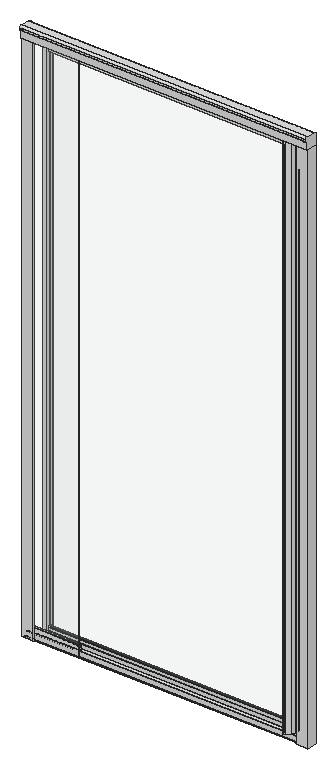
Revit family "Shower-Shower_Door-STERLING-Vista_Pivot_II-1530D_1", category Specialty Equipment, host Face, Revit 2017
Family settings
  Host = Face
  Round Connector Dimension = Use Diameter
  Part Type = Normal
  OmniClass Number = 23.31.17.17
  OmniClass Title = Shower Enclosures
  Cut with Voids When Loaded = No
  Shared = No
  Room Calculation Point = No
Parameters (values of type "36 Inch Width,Pebbled Glass Texture,S-Silver Frame")
  Width [instance] = 36"
  WaterSense Certified = 1 = 0  # no
  URL = "https://www.sterlingplumbing.com/\r\nhttps://www.sterlingplumbing.com/"
  Type = 1
  Side Panel Length [instance] = if(Type = 1, 7 1/16", if(Type = 2, 13", if(Type = 3, 19 1/16", 0")))  # 7 1/16"
  Product Page URL = "http://www.sterlingplumbing.com/detail?productNumber=1530D-36"
  Product Name = "Vista Pivot II"  # constant formula
  Product Documentation Link = "https://resources.kohler.com/plumbing/sterling/pdf/1530D-36_spec_US-CA_Sterling_en.pdf"
  Panel Offset = if(Type = 1, 4 3/8", 5")  # 4 3/8"
  Model = if(Type = 1, "1530D-36S", if(Type = 2, "1530D-42S", if(Type = 3, "1530D-48S", "NA")))  # "1530D-36S"
  Material = "Anodized Aluminum"  # constant formula
  Maste Format 2014 = "10 28 19.16"  # constant formula
  Master Format 2014 Name = "Shower Door"  # constant formula
  Manufacturer Address = "444 Highland Dr, Kohler, WI 53044"  # constant formula
  Manufacturer = "STERLING Co."  # constant formula
  Length = 2 7/64"  # constant formula
  Height = 69"  # constant formula
  Glass Material = Sterling-Glass-G10-Pebbled_Glass_Texture
  Finish = Sterling-Metal-S-Silver
  Environmental Product Declaration = ""
  Description = if(Type = 1, "Framed pivot shower door, 69inch H x 31-1/4 - 36 inch W, with 1/8 inch thick Pebbled glass", if(Type = 2, "Framed pivot shower door, 69inch H x 36 - 42inch W, with 1/8inch thick Pebbled glass", "Framed pivot shower door, 69inch H x 42 - 48inch W, with 1/8inch thick Pebbled glass "))  # "Framed pivot shower door, 69inch H x 31-1/4 - 36 inch W, with 1/8 inch thick Pebbled glass"
  Default Elevation = 0"
  Declare Label = ""
  Date Modified = "07/18/2020"  # constant formula
  Date Created = "07/18/2020"  # constant formula
  Copyright = "Copyright STERLING Co."  # constant formula
  Contact Us = "https://www.sterlingplumbing.com/contact"
  Assembly Code = "C1030200"
  ADA Compliant = 1 = 0  # no
Types (4): name | Type | Side Panel Length | Product Page URL | Product Documentation Link | Panel Offset | Model | Description
  (no name) | 1 | 7 1/16" | "http://www.sterlingplumbing.com/detail?productNumber=1530D-36" | "https://resources.kohler.com/plumbing/sterling/pdf/1530D-36_spec_US-CA_Sterling_en.pdf" | 4 3/8" | "1530D-36S" | "Framed pivot shower door, 69inch H x 31-1/4 - 36 inch W, with 1/8 inch thick Pebbled glass"
  36 Inch Width,Pebbled Glass Texture,S-Silver Frame | 1 | 7 1/16" | "http://www.sterlingplumbing.com/detail?productNumber=1530D-36" | "https://resources.kohler.com/plumbing/sterling/pdf/1530D-36_spec_US-CA_Sterling_en.pdf" | 4 3/8" | "1530D-36S" | "Framed pivot shower door, 69inch H x 31-1/4 - 36 inch W, with 1/8 inch thick Pebbled glass"
  42 Inch Width, Pebbled Glass Texture,S-Silver Frame | 2 | 13" | "http://www.sterlingplumbing.com/detail?productNumber=1530D-42" | "https://resources.kohler.com/plumbing/sterling/pdf/1530D-42_spec_US-CA_Sterling_en.pdf" | 5" | "1530D-42S" | "Framed pivot shower door, 69inch H x 36 - 42inch W, with 1/8inch thick Pebbled glass"
  48 Inch Width, Pebbled Glass Texture, S-Silver Frame | 3 | 19 1/16" | "http://www.sterlingplumbing.com/detail?productNumber=1530D-48" | "https://resources.kohler.com/plumbing/sterling/pdf/1530D-48_spec_US-CA_Sterling_en.pdf" | 5" | "1530D-48S" | "Framed pivot shower door, 69inch H x 42 - 48inch W, with 1/8inch thick Pebbled glass "
Reference planes (in)
  plane 1 "Center (Front/Back)": y = 0
  plane 2: z = 0
  plane 3 "Center (Left/Right)": x = 0
  plane 4: x = -16
  plane 5: x = 20
  plane 6: x = -8.9375
  plane 7: z = 69
  plane 8: y = 2.10937
  plane 9: x = 2
  plane 10: z = 0.6875
  plane 11: y = 1.05469
  plane 12: x = -13.3125
  plane 13: z = 67.5625
  plane 14: y = 0.32087
  plane 15: y = 1.57087
Dimensions and locks (in)
  "Width": plane 5 to plane 4
  "Side Panel Length": plane 6 to plane 4
  "Height": plane 7 to level
  "Length": plane 8 to plane 1 "Center (Front/Back)"
  equal spacing: plane 5, plane 9, plane 4
  plane 10 to level = 11/16"
  equal spacing: plane 8, plane 11, plane 1 "Center (Front/Back)"
  "Panel Offset": plane 12 to plane 6
  plane 13 to plane 10 = 66 7/8"
  plane 15 to plane 14 = 1 1/4"
  aligned and locked: plane 2 to host face
  aligned and locked: level to host face
  aligned and locked: plane 5 to nested 1
  aligned and locked: plane 4 to nested 1
Automatic sketch dimensions
  host sketch curve to host sketch curve = 96"  (x2)
Nested families (in)
  nested 1: "1530D" at (-8.9375, 0, 0), type "1530D"
    with Width 36", Panel Offset 4 3/8", Panel Length 7 1/16"
Definition of nested family "1530D"
  Parameters (values of type "1530D")
    Width = 26 1/2"
    Panel Offset = 2 7/8"
    Panel Length = 5"
    Metal Finish = none
    Glass Finish = none
  Reference planes (in)
    plane 1 "Center (Front/Back)": y = 0
    plane 2: z = 0
    plane 3 "Center (Left/Right)": x = 0
    plane 4: y = 2.11073
    plane 5: x = -30.6359
    plane 6: x = 19.15625
    plane 7: x = 21.5
    plane 8: z = 69
    plane 9: z = 0.6875
    plane 10: z = 67.5625
    plane 11: x = -5
    plane 12: x = -2.875
  Forms (in)
    Extrusion 1, solid, material <- "Metal Finish", detail levels medium+fine
      sketch origin (0, 0, 0) x (0, 1, 0) y (0, 0, 1)
        loop
          line (1.35006, 69) -> (0.25, 69)
          arc (0.25, 69) -> (0.07322, 68.92678) -> (0, 68.75) r 0.25
          line (0, 68.75) -> (0, 68.58233)
          arc (0, 68.58233) -> (0.00595, 68.56795) -> (0.02033, 68.562) r 0.02033
          line (0.02033, 68.562) -> (0.14645, 68.562) -> (0.14645, 67.5625) -> (1.576, 67.5625) -> (1.576, 68.77406)
          arc (1.576, 68.77406) -> (1.50982, 68.93382) -> (1.35006, 69) r 0.22594
      from -5 to 21.5
    Extrusion 2, solid, material <- "Metal Finish"
      sketch origin (0, 0, 0) x (1, 0, 0) y (0, 1, 0)
        loop
          line (21.5, 1.526) -> (20.08728, 1.526) -> (20.08728, 0.32087) -> (21.5, 0.32087) -> (21.5, 1.526)
      from 0 to 67.5625
    Extrusion 3, solid, material <- "Metal Finish", detail levels medium+fine
      sketch origin (0, 0, 0) x (0, 1, 0) y (0, 0, 1)
        loop
          line (1.47271, 0.405) -> (0.61771, 0.405) -> (0.61771, 0.6875) -> (0.47771, 0.6875) -> (0.47771, 0.21) -> (0.61771, 0.21) -> (0.61771, 0.07) -> (0.47717, 0.07) -> (0.47717, 0) -> (1.47271, 0) -> (1.47271, 0.405)
      from -4.751 to 20.08728
    Extrusion 4, solid, material <- "Metal Finish", detail levels medium+fine
      sketch origin (0, 0, 0) x (0, 1, 0) y (0, 0, 1)
        loop
          line (0.4764, 0.9) -> (0.5095, 1.37337)
          arc (0.5095, 1.37337) -> (0.48633, 1.40003) -> (0.45967, 1.37685) r 0.02498
          line (0.45967, 1.37685) -> (0.42771, 0.91988) -> (0.42771, 0.10949)
          arc (0.42771, 0.10949) -> (0.43488, 0.09217) -> (0.4522, 0.085) r 0.02449
          line (0.4522, 0.085) -> (0.60271, 0.085) -> (0.60271, 0.135) -> (0.47771, 0.135) -> (0.47771, 0.845) -> (0.72971, 0.845) -> (0.72971, 0.54733)
          arc (0.72971, 0.54733) -> (0.75471, 0.52233) -> (0.77971, 0.54733) r 0.025
          line (0.77971, 0.54733) -> (0.77971, 0.91969) -> (0.7477, 1.37742)
          arc (0.7477, 1.37742) -> (0.72102, 1.40061) -> (0.69783, 1.37393) r 0.025
          line (0.69783, 1.37393) -> (0.73097, 0.9) -> (0.4764, 0.9)
      from -4.751 to 0
    Extrusion 5, solid, material <- "Metal Finish", detail levels medium+fine
      sketch origin (0, 0, 0) x (1, 0, 0) y (0, 1, 0)
        loop
          line (-2.90914, 1.35447) -> (-2.90914, 1.91504)
          arc (-2.90914, 1.91504) -> (-3.04486, 1.95827) -> (-2.95914, 1.84452) r 0.07474
          line (-2.95914, 1.84452) -> (-2.95914, 1.33372) -> (-3.30414, 1.33372) -> (-3.30414, 0.86596) -> (-2.875, 0.86596) -> (-2.875, 1.30507)
          arc (-2.875, 1.30507) -> (-2.88437, 1.3351) -> (-2.90914, 1.35447) r 0.0528
      from 0.858 to 67.5625
    Extrusion 6, solid, material <- "Metal Finish", detail levels medium+fine
      sketch origin (0, 0, 0.267) x (0, 1, 0) y (0, 0, 1)
        loop
          line (1.33539, 66.8038) -> (1.59871, 66.90742) -> (1.59871, 67.2955) -> (0.86503, 67.2955) -> (0.86503, 66.8355) -> (1.00104, 66.8355) -> (1.00104, 66.381) -> (1.10621, 66.381) -> (1.10621, 66.702) -> (1.23121, 66.702) -> (1.23121, 66.381) -> (1.33539, 66.381) -> (1.33539, 66.8038)
      from -2.875 to 19.15625
    Extrusion 7, solid, material <- "Glass Finish"
      sketch origin (0, 0, 0) x (1, 0, 0) y (0, 1, 0)
        loop
          line (-4.952, 0.68171) -> (-4.952, 0.52571) -> (0, 0.52571) -> (0, 0.68171) -> (-4.952, 0.68171)
      from 0.9 to 67.5625
    Extrusion 8, solid, material <- "Glass Finish"
      sketch origin (0, 0, 0) x (1, 0, 0) y (0, 1, 0)
        loop
          line (-2.875, 1.23121) -> (-2.875, 1.10621) -> (19.15625, 1.10621) -> (19.15625, 1.23121) -> (-2.875, 1.23121)
      from 0.845 to 67.5625
    Extrusion 9, solid, material <- "Metal Finish", detail levels medium+fine
      sketch origin (0, 0, 0) x (0, 1, 0) y (0, 0, 1)
        loop
          line (1.59871, 1.24608) -> (1.33522, 1.34977) -> (1.33522, 1.68963)
          arc (1.33522, 1.68963) -> (1.31878, 1.7474) -> (1.26421, 1.7725) r 0.07186
          line (1.26421, 1.7725) -> (1.06015, 1.7725)
          arc (1.06015, 1.7725) -> (1.0139, 1.75122) -> (0.99997, 1.70225) r 0.0609
          line (0.99997, 1.70225) -> (0.99997, 1.318) -> (0.86596, 1.318) -> (0.86596, 0.858) -> (1.59871, 0.858) -> (1.59871, 1.24608)
      from -2.875 to 19.15625
    Sweep 10, solid, material <- "Metal Finish", detail levels medium+fine
      path origin (0, 0, 0) x (1, 0, 0) y (0, 0, 1)
        loop
          line (-5, 67.5625) -> (-5, 0)
      profile origin (-5, 0, 33.78125) x (0, -1, 0) y (1, 0, 0)
        loop
          line (-1.478, 0.201) -> (-0.728, 0.201) -> (-0.728, 0) -> (-0.32087, 0) -> (-0.32087, 1.42779) -> (-0.39549, 1.42779) -> (-0.39549, 0.048) -> (-0.67971, 0.048) -> (-0.67971, 0.249) -> (-1.478, 0.249) -> (-1.478, 0.48879) -> (-1.526, 0.48879) -> (-1.526, 0) -> (-1.478, 0) -> (-1.478, 0.201)
    Sweep 11, solid, material <- "Metal Finish", detail levels medium+fine
      path origin (0, 0, 0) x (1, 0, 0) y (0, 0, 1)
        loop
          line (19.15625, 67.5625) -> (19.15625, 0.6875)
      profile origin (19.15625, 0, 34.125) x (0, -1, 0) y (1, 0, 0)
        loop
          line (-2.05671, 0.00203) -> (-2.05671, -0.51444)
          arc (-2.05671, -0.51444) -> (-2.06173, -0.53399) -> (-2.07553, -0.54872) r 0.04063
          arc (-2.07553, -0.54872) -> (-2.07986, -0.67064) -> (-1.96449, -0.63098) r 0.07401
          arc (-1.96449, -0.63098) -> (-1.97438, -0.60965) -> (-1.99701, -0.61602) r 0.01813
          arc (-1.99701, -0.61602) -> (-2.04278, -0.61927) -> (-2.03475, -0.57409) r 0.02909
          arc (-2.03475, -0.57409) -> (-2.01426, -0.55473) -> (-2.00671, -0.52758) r 0.05261
          line (-2.00671, -0.52758) -> (-2.00671, -0.00026)
          arc (-2.00671, -0.00026) -> (-1.98714, 0.047) -> (-1.93988, 0.06657) r 0.06683
          line (-1.93988, 0.06657) -> (-1.23121, 0.06657) -> (-1.23121, 0.36357) -> (-1.10621, 0.36357) -> (-1.10621, 0.05856)
          arc (-1.10621, 0.05856) -> (-0.56667, -0.06972) -> (-0.26526, -0.53524) r 0.74497
          arc (-0.26526, -0.53524) -> (-0.25009, -0.56503) -> (-0.22149, -0.58234) r 0.06095
          arc (-0.22149, -0.58234) -> (-0.20911, -0.62087) -> (-0.24936, -0.61662) r 0.02415
          arc (-0.24936, -0.61662) -> (-0.27913, -0.60616) -> (-0.29106, -0.63537) r 0.02289
          arc (-0.29106, -0.63537) -> (-0.16598, -0.65853) -> (-0.20064, -0.53614) r 0.07488
          arc (-0.20064, -0.53614) -> (-0.21454, -0.52763) -> (-0.2221, -0.51319) r 0.03061
          arc (-0.2221, -0.51319) -> (-0.39819, -0.15972) -> (-0.72182, 0.06657) r 0.80059
          arc (-0.72182, 0.06657) -> (-0.89796, 0.1195) -> (-1.07971, 0.14768) r 1.33267
          line (-1.07971, 0.14768) -> (-1.07971, 0.40357) -> (-1.26671, 0.40357) -> (-1.26671, 0.11657) -> (-1.94218, 0.11657)
          arc (-1.94218, 0.11657) -> (-2.02316, 0.08302) -> (-2.05671, 0.00203) r 0.11453
        loop
          line (-1.52271, 0.94364) -> (-1.52271, 0.78139)
          arc (-1.52271, 0.78139) -> (-1.52984, 0.76419) -> (-1.54703, 0.75707) r 0.02432
          line (-1.54703, 0.75707) -> (-1.61068, 0.75707)
          arc (-1.61068, 0.75707) -> (-1.63272, 0.74794) -> (-1.64185, 0.7259) r 0.03117
          line (-1.64185, 0.7259) -> (-1.64185, 0.23244)
          arc (-1.64185, 0.23244) -> (-1.63296, 0.21096) -> (-1.61148, 0.20207) r 0.03037
          line (-1.61148, 0.20207) -> (-1.53271, 0.20207)
          arc (-1.53271, 0.20207) -> (-1.47629, 0.23307) -> (-1.4722, 0.29731) r 0.06684
          arc (-1.4722, 0.29731) -> (-1.49844, 0.31019) -> (-1.51671, 0.28739) r 0.02336
          line (-1.51671, 0.28739) -> (-1.51671, 0.25207) -> (-1.58171, 0.25207) -> (-1.58171, 0.70707) -> (-1.46671, 0.70707) -> (-1.46671, 0.96861) -> (-1.49867, 0.96861)
          arc (-1.49867, 0.96861) -> (-1.51572, 0.96098) -> (-1.52271, 0.94364) r 0.02499
    Extrusion 12, solid, material <- "Metal Finish", detail levels coarse
      sketch origin (0, 0, 0) x (0, 1, 0) y (0, 0, 1)
        loop
          line (1.576, 69) -> (0, 69) -> (0, 67.5625) -> (1.576, 67.5625) -> (1.576, 69)
      from -5 to 21.5
    Sweep 13, solid, material <- "Metal Finish", detail levels coarse
      path origin (0, 0, 0) x (1, 0, 0) y (0, 0, 1)
        loop
          line (-5, 67.5625) -> (-5, 0)
      profile origin (-5, 0, 33.78125) x (0, -1, 0) y (1, 0, 0)
        loop
          line (-1.526, 1.42779) -> (-1.526, 0) -> (-0.32087, 0) -> (-0.32087, 1.42779) -> (-1.526, 1.42779)
    Sweep 14, solid, material <- "Metal Finish", detail levels coarse
      path origin (0, 0, 0) x (1, 0, 0) y (0, 0, 1)
        loop
          line (19.15625, 67.5625) -> (19.15625, 0.6875)
      profile origin (19.15625, 0, 34.125) x (0, -1, 0) y (1, 0, 0)
        loop
          line (-1.64185, 0.93103) -> (-1.64185, 0) -> (-0.47771, 0) -> (-0.47771, 0.93103) -> (-1.64185, 0.93103)
    Extrusion 15, solid, material <- "Metal Finish", detail levels coarse
      sketch origin (0, 0, 0) x (0, 1, 0) y (0, 0, 1)
        loop
          line (1.47271, 0) -> (1.47271, 0.6875) -> (0.47771, 0.6875) -> (0.47771, 0) -> (1.47271, 0)
      from -4.751 to 20.08728
    Extrusion 16, solid, material <- "Metal Finish", detail levels coarse
      sketch origin (0, 0, 0) x (0, 1, 0) y (0, 0, 1)
        loop
          line (1.59871, 1.24608) -> (1.33522, 1.34977) -> (1.33522, 1.7725) -> (0.99997, 1.7725) -> (0.99997, 1.318) -> (0.86596, 1.318) -> (0.86596, 0.858) -> (1.59871, 0.858) -> (1.59871, 1.24608)
      from -2.875 to 19.15625
    Extrusion 17, solid, material <- "Metal Finish", detail levels coarse
      sketch origin (0, 0, 0) x (1, 0, 0) y (0, 1, 0)
        loop
          line (-3.30414, 1.98979) -> (-3.30414, 0.86596) -> (-2.875, 0.86596) -> (-2.875, 1.98979) -> (-3.30414, 1.98979)
      from 0.858 to 67.5625
    Extrusion 18, solid, material <- "Metal Finish", detail levels coarse
      sketch origin (0, 0, 0.267) x (0, 1, 0) y (0, 0, 1)
        loop
          line (1.33539, 66.8038) -> (1.59871, 66.90742) -> (1.59871, 67.2955) -> (0.86503, 67.2955) -> (0.86503, 66.8355) -> (1.00104, 66.8355) -> (1.00104, 66.381) -> (1.10621, 66.381) -> (1.10621, 66.702) -> (1.23121, 66.702) -> (1.23121, 66.381) -> (1.33539, 66.381) -> (1.33539, 66.8038)
      from -2.875 to 19.15625
    Extrusion 19, solid, material <- "Metal Finish", detail levels coarse
      sketch origin (0, 0, 0) x (0, 1, 0) y (0, 0, 1)
        loop
          line (0.4764, 0.9) -> (0.4764, 1.40003) -> (0.42771, 1.40003) -> (0.42771, 0.085) -> (0.77971, 0.085) -> (0.77971, 1.40003) -> (0.73097, 1.40003) -> (0.73097, 0.9) -> (0.4764, 0.9)
      from -4.751 to 0
  Lines and regions (in)
    Masking region 1
      outline origin (0, 0, 0) x (1, 0, 0) y (0, 0, 1)
        loop
          line (-5, 69) -> (-5, 0) -> (21.5, 0) -> (21.5, 69) -> (-5, 69)
    Masking region 2
      outline origin (0, 0, 0) x (0, 1, 0) y (0, 0, 1)
        loop
          line (2.11073, 0.6875) -> (2.11073, 67.5625) -> (1.576, 67.5625) -> (1.576, 68.77406)
          arc (1.576, 68.77406) -> (1.50982, 68.93382) -> (1.35006, 69) r 0.22594
          line (1.35006, 69) -> (0.25, 69)
          arc (0.25, 69) -> (0.07322, 68.92678) -> (0, 68.75) r 0.25
          line (0, 68.75) -> (0, 68.58283)
          arc (0, 68.58283) -> (0.0061, 68.5681) -> (0.02083, 68.562) r 0.02083
          line (0.02083, 68.562) -> (0.06051, 68.562) -> (0.06051, 67.79923)
          arc (0.06051, 67.79923) -> (0.07718, 67.73782) -> (0.12259, 67.69325) r 0.12151
          arc (0.12259, 67.69325) -> (0.13444, 67.68162) -> (0.13879, 67.6656) r 0.0317
          line (0.13879, 67.6656) -> (0.13879, 67.63111)
          arc (0.13879, 67.63111) -> (0.13304, 67.61724) -> (0.11917, 67.6115) r 0.01961
          line (0.11917, 67.6115) -> (0.03648, 67.6115)
          arc (0.03648, 67.6115) -> (0.01198, 67.587) -> (0.03648, 67.5625) r 0.0245
          line (0.03648, 67.5625) -> (0.14645, 67.5625) -> (0.14645, 0.6875) -> (0.32087, 0.6875) -> (0.32087, 0) -> (1.526, 0) -> (1.526, 0.6875) -> (2.11073, 0.6875)
    Masking region 3
      outline origin (0, 0, 0) x (1, 0, 0) y (0, 1, 0)
        loop
          line (-5, 1.576) -> (-5, 0) -> (21.5, 0) -> (21.5, 1.576) -> (19.91332, 1.576) -> (19.91332, 1.61068)
          arc (19.91332, 1.61068) -> (19.90419, 1.63272) -> (19.88215, 1.64185) r 0.03117
          line (19.88215, 1.64185) -> (19.38869, 1.64185)
          arc (19.38869, 1.64185) -> (19.36721, 1.63296) -> (19.35832, 1.61148) r 0.03037
          line (19.35832, 1.61148) -> (19.35832, 1.576) -> (19.27282, 1.576) -> (19.27282, 1.94218)
          arc (19.27282, 1.94218) -> (19.23927, 2.02316) -> (19.15828, 2.05671) r 0.11453
          line (19.15828, 2.05671) -> (18.64181, 2.05671)
          arc (18.64181, 2.05671) -> (18.62226, 2.06173) -> (18.60753, 2.07553) r 0.04063
          arc (18.60753, 2.07553) -> (18.48561, 2.07986) -> (18.52527, 1.96449) r 0.07401
          arc (18.52527, 1.96449) -> (18.5466, 1.97438) -> (18.54023, 1.99701) r 0.01813
          arc (18.54023, 1.99701) -> (18.53698, 2.04278) -> (18.58216, 2.03475) r 0.02909
          arc (18.58216, 2.03475) -> (18.60152, 2.01426) -> (18.62867, 2.00671) r 0.05261
          line (18.62867, 2.00671) -> (19.15599, 2.00671)
          arc (19.15599, 2.00671) -> (19.20325, 1.98714) -> (19.22282, 1.93988) r 0.06683
          line (19.22282, 1.93988) -> (19.22282, 1.576) -> (-2.90914, 1.576) -> (-2.90914, 1.91504)
          arc (-2.90914, 1.91504) -> (-3.04486, 1.95827) -> (-2.95914, 1.84452) r 0.07474
          line (-2.95914, 1.84452) -> (-2.95914, 1.576) -> (-5, 1.576)
    symbolic lines, detail levels medium+fine
      curve 1: line (-5, 0, 67.5625) -> (21.5, 0, 67.5625)
      curve 2: line (-3.57221, 0, 0) -> (-3.57221, 0, 67.5625)
      curve 3: line (1, 0, 0.07) -> (1, 0, 1.37742)
      curve 4: line (1, 0, 0.9) -> (-3.57221, 0, 0.9)
      curve 5: line (1, 0, 1.37742) -> (-3.57221, 0, 1.37742)
      curve 6: line (20.08728, 0, 67.5625) -> (20.08728, 0, 0.07)
      curve 7: line (19.86332, 0, 67.5625) -> (19.86332, 0, 0.6875)
      curve 8: line (19.55982, 0, 0.6875) -> (19.55982, 0, 67.5625)
      curve 9: line (19.30393, 0, 0.858) -> (19.30393, 0, 67.5625)
      curve 10: line (18.47427, 0, 67.5625) -> (18.47427, 0, 0.858)
      curve 11: line (20.08728, 0, 0.6875) -> (1, 0, 0.6875)
      curve 12: line (0, 0, 1.37742) -> (0, 0, 67.5625)
      curve 13: line (0, 0, 1.70225) -> (18.47427, 0, 1.70225)
      curve 14: line (18.47427, 0, 1.318) -> (1, 0, 1.318)
      curve 15: line (1, 0, 0.858) -> (19.30393, 0, 0.858)
      curve 16: line (1, 0, 0.21) -> (20.08728, 0, 0.21)
      curve 17: line (20.08728, 0, 0.07) -> (1, 0, 0.07)
      curve 18: line (0, 0, 66.648) -> (18.47427, 0, 66.648)
      curve 19: line (0, 0, 67.1025) -> (18.47427, 0, 67.1025)
      curve 20: line (-5, 0, 68.562) -> (21.5, 0, 68.562)
      curve 21: line (0, 1.576, 68.562) -> (0, 0.06051, 68.562)
      curve 22: line (0, 1.84452, 1.108) -> (0, 1.84452, 67.5625)
      curve 23: line (0, 1.526, 0) -> (0, 1.526, 68.562)
      curve 24: line (0, 0.728, 0) -> (0, 0.728, 68.562)
      curve 25: line (0, 0.32087, 68.562) -> (0, 0.32087, 0)
      curve 26: line (0, 1.526, 1.108) -> (0, 1.96313, 1.108)
      curve 27: line (0, 1.478, 68.562) -> (0, 1.478, 0)
      curve 28: line (0, 0.29106, 68.562) -> (0, 0.29106, 0.6875)
      curve 29: line (0, 1.96313, 1.108) -> (0, 1.96313, 0.6875)
      curve 30: line (0, 0.14645, 67.5625) -> (0, 0.2221, 67.5625)
      curve 31: line (0, 0.2221, 0.6875) -> (0, 0.2221, 68.562)
      curve 32: line (19.41105, 1.58171, 0) -> (19.86114, 1.58171, 0)
      curve 33: line (19.86114, 1.576, 0) -> (19.41105, 1.576, 0)
      curve 34: arc (19.41105, 1.576, 0) -> (19.40819, 1.57886, 0) -> (19.41105, 1.58171, 0) r 0.00286
      curve 35: arc (19.86114, 1.58171, 0) -> (19.86399, 1.57886, 0) -> (19.86114, 1.576, 0) r 0.00286
      curve 36: line (-2.95914, 1.576, 0) -> (-2.90914, 1.576, 0)
      curve 37: line (19.22282, 1.576, 0) -> (19.27282, 1.576, 0)
      curve 38: line (19.41105, 1.576, 0) -> (19.35832, 1.576, 0)
      curve 39: line (19.86114, 1.576, 0) -> (19.91332, 1.576, 0)
  Dimensions and locks (in)
    locked: plane 6 to plane 7 at 2.34375
    plane 8 to plane 2 = 69"
    plane 9 to plane 2 = 11/16"
    plane 10 to plane 9 = 66 7/8"
    Sweep 11 sketch curve to Sweep 11 sketch curve to Sweep 11 sketch curve to Sweep 11 sketch curve to Sweep 11 sketch curve = 0.85188", 0.455" locked, 0.05" locked, 0.21155" locked
    locked: Sweep 11 sketch curve to Sweep 11 sketch curve at 0.00246
    plane 7 to plane 6 = 2 11/32"
    locked: Extrusion 2 sketch curve to Extrusion 2 sketch curve at 1.41272
    "Panel Offset": plane 3 "Center (Left/Right)" to plane 12
    locked: Extrusion 4 to plane 11 at 0.249
    locked: plane 7 to Extrusion 3 at 1.41272
    "Width": plane 7 to plane 11
    "Panel Length": plane 3 "Center (Left/Right)" to plane 11
    plane 4 to plane 1 "Center (Front/Back)" = 2.11073"
    locked: curve 3 to plane 3 "Center (Left/Right)" at 1
    locked: Extrusion 3 to plane 11 at 0.249
    locked: Extrusion 15 to plane 11 at 0.249
    locked: plane 7 to Extrusion 15 at 1.41272
    locked: Extrusion 17 sketch curve to plane 12 at 0.42914
    locked: Extrusion 19 to plane 11 at 0.249
    aligned and locked: plane 2 to level
    aligned and locked: plane 6 to Extrusion 6
    aligned and locked: plane 6 to Extrusion 8
    aligned and locked: Extrusion 8 to Extrusion 9
    aligned and locked: Extrusion 1 to plane 11
    aligned and locked: Extrusion 7 to Sweep 10
    aligned and locked: plane 3 "Center (Left/Right)" to Extrusion 7
    aligned and locked: plane 3 "Center (Left/Right)" to Extrusion 4
    aligned and locked: plane 7 to Extrusion 1
    aligned and locked: Extrusion 8 to plane 12
    aligned and locked: Extrusion 6 to plane 12
    aligned and locked: Extrusion 9 to plane 12
    aligned and locked: Extrusion 12 to plane 11
    aligned and locked: plane 7 to Extrusion 12
    aligned and locked: Sweep 13 sketch curve to plane 11
    aligned and locked: Sweep 14 sketch curve to plane 6
    aligned and locked: Extrusion 8 to Extrusion 16
    aligned and locked: plane 12 to Extrusion 17 sketch curve
    aligned and locked: Extrusion 16 to plane 12
    aligned and locked: Extrusion 17 to Extrusion 16
    aligned and locked: Extrusion 5 to Extrusion 16
    aligned and locked: plane 12 to Extrusion 5 sketch curve
    aligned and locked: Extrusion 18 to plane 12
    aligned and locked: plane 6 to Extrusion 18
    aligned and locked: plane 3 "Center (Left/Right)" to Extrusion 19
  Automatic sketch dimensions
    Extrusion 2 sketch curve to plane 7 = 0"
    Extrusion 2 sketch curve to plane 1 "Center (Front/Back)" = 0.32087"
    Extrusion 2 sketch curve to plane 4 = 0.58473"
    Extrusion 4 sketch curve to plane 1 "Center (Front/Back)" = 0.42771"
    Extrusion 4 sketch curve to Extrusion 4 sketch curve = 0.02449"
    Extrusion 4 sketch curve to Extrusion 4 sketch curve = 0.03195"
    Extrusion 4 sketch curve to Extrusion 4 sketch curve = 0.04869"
    Extrusion 4 sketch curve to Extrusion 4 sketch curve = 0.02551"  (x2)
    Extrusion 4 sketch curve to Extrusion 4 sketch curve = 0.02492"  (x2)
    Extrusion 4 sketch curve to Extrusion 4 sketch curve = 1/8"
    Extrusion 4 sketch curve to Extrusion 4 sketch curve = 0.18833"
    Extrusion 4 sketch curve to Extrusion 4 sketch curve = 0.02494"  (x2)
    Extrusion 4 sketch curve to Extrusion 4 sketch curve = 0.252"
    Extrusion 4 sketch curve to Extrusion 4 sketch curve = 0.00125"
    plane 9 to Extrusion 4 sketch curve = 0.68992"
    Extrusion 4 sketch curve to Extrusion 4 sketch curve = 0.025"
    Extrusion 4 sketch curve to Extrusion 4 sketch curve = 0.00057"
    Extrusion 4 sketch curve to Extrusion 4 sketch curve = 0.00174"  (x2)
    plane 9 to Extrusion 4 sketch curve = 0.23238"
    plane 9 to Extrusion 4 sketch curve = 0.23219"
    Extrusion 4 sketch curve to Extrusion 4 sketch curve = 0.01969"
    Extrusion 4 sketch curve to Extrusion 4 sketch curve = 0.055"
    Extrusion 4 sketch curve to plane 9 = 0.14017"
    level to Extrusion 4 sketch curve = 0.135"
    Extrusion 5 sketch curve to plane 12 = 0.42914"
    Extrusion 5 sketch curve to plane 12 = 0.10889"
    Extrusion 5 sketch curve to Extrusion 5 sketch curve = 0.02474"
    Extrusion 5 sketch curve to Extrusion 5 sketch curve = 0.03134"
    Extrusion 5 sketch curve to plane 12 = 0.03414"
    Extrusion 5 sketch curve to plane 1 "Center (Front/Back)" = 0.86596"
    Extrusion 5 sketch curve to Extrusion 5 sketch curve = 0.02865"
    Extrusion 5 sketch curve to plane 4 = 0.26622"
    Extrusion 6 sketch curve to plane 1 "Center (Front/Back)" = 0.86503"
    Extrusion 6 sketch curve to Extrusion 6 sketch curve = 0.13601"
    Extrusion 6 sketch curve to Extrusion 6 sketch curve = 0.10517"
    Extrusion 6 sketch curve to Extrusion 6 sketch curve = 1/8"
    Extrusion 6 sketch curve to Extrusion 6 sketch curve = 0.10418"
    Extrusion 6 sketch curve to Extrusion 6 sketch curve = 0.26332"
    Extrusion 6 sketch curve to plane 10 = 0.9145"
    Extrusion 6 sketch curve to Extrusion 6 sketch curve = 0"
    Extrusion 6 sketch curve to Extrusion 6 sketch curve = 0.321"
    Extrusion 6 sketch curve to Extrusion 6 sketch curve = 0.1018"
    Extrusion 6 sketch curve to Extrusion 6 sketch curve = 0.1335"
    Extrusion 6 sketch curve to Extrusion 6 sketch curve = 0.10362"
    Extrusion 6 sketch curve to plane 10 = 0"
    Extrusion 7 sketch curve to plane 3 "Center (Left/Right)" = 0"
    plane 11 to Extrusion 7 sketch curve = 0.048"
    Extrusion 7 sketch curve to plane 1 "Center (Front/Back)" = 0.52571"
    Extrusion 7 sketch curve to Extrusion 7 sketch curve = 0.156"
    Extrusion 8 sketch curve to plane 6 = 0"
    plane 12 to Extrusion 8 sketch curve = 0"
    Extrusion 8 sketch curve to plane 4 = 1.00452"
    Extrusion 8 sketch curve to Extrusion 8 sketch curve = 1/8"
    plane 9 to Extrusion 9 sketch curve = 0.1705"
    Extrusion 9 sketch curve to plane 1 "Center (Front/Back)" = 0.86596"
    Extrusion 9 sketch curve to Extrusion 9 sketch curve = 0.134"
    Extrusion 9 sketch curve to Extrusion 9 sketch curve = 0.06018"
    Extrusion 9 sketch curve to Extrusion 9 sketch curve = 0.20406"
    Extrusion 9 sketch curve to Extrusion 9 sketch curve = 0.33525"
    Extrusion 9 sketch curve to plane 4 = 0.51202"
    Extrusion 9 sketch curve to Extrusion 9 sketch curve = 0.38808"
    Extrusion 9 sketch curve to Extrusion 9 sketch curve = 0.46"
    Extrusion 9 sketch curve to Extrusion 9 sketch curve = 0.10369"
    Extrusion 9 sketch curve to Extrusion 9 sketch curve = 87/256"
    Extrusion 9 sketch curve to Extrusion 9 sketch curve = 0.01101"
    Extrusion 9 sketch curve to Extrusion 9 sketch curve = 0.07025"
    Sweep 10 sketch curve to level = 0"
    Sweep 10 sketch curve to plane 11 = 0"
    plane 10 to Sweep 10 sketch curve = 0"
    Sweep 10 sketch curve to profile plane = 0"  (x2)
    Sweep 10 sketch curve to plane 1 "Center (Front/Back)" = 1.526"
    Sweep 10 sketch curve to Sweep 10 sketch curve = 0.048"  (x3)
    Sweep 10 sketch curve to profile plane = 0.201"
    Sweep 10 sketch curve to plane 1 "Center (Front/Back)" = 0.728"
    Sweep 10 sketch curve to Sweep 10 sketch curve = 0.04829"
    Sweep 10 sketch curve to profile plane = 0.048"
    Sweep 10 sketch curve to Sweep 10 sketch curve = 0.28422"
    Sweep 10 sketch curve to Sweep 10 sketch curve = 0.07462"
    Sweep 10 sketch curve to Sweep 10 sketch curve = 0.23979"
    Sweep 10 sketch curve to Sweep 10 sketch curve = 1.17879"
    Sweep 11 sketch curve to plane 6 = 0"
    plane 9 to Sweep 11 sketch curve = 0"
    Sweep 11 sketch curve to plane 10 = 0"
    profile plane to Sweep 11 sketch curve = 0.51444"
    Sweep 11 sketch curve to plane 1 "Center (Front/Back)" = 2.09734"
    Sweep 11 sketch curve to Sweep 11 sketch curve = 0.03802"
    Sweep 11 sketch curve to Sweep 11 sketch curve = 0.00261"
    Sweep 11 sketch curve to Sweep 11 sketch curve = 0.02352"
    Sweep 11 sketch curve to Sweep 11 sketch curve = 0.01464"
    Sweep 11 sketch curve to Sweep 11 sketch curve = 0.05"  (x2)
    Sweep 11 sketch curve to Sweep 11 sketch curve = 0.0392"
    Sweep 11 sketch curve to Sweep 11 sketch curve = 0.06453"
    profile plane to Sweep 11 sketch curve = 0.00026"
    Sweep 11 sketch curve to Sweep 11 sketch curve = 0.00229"
    Sweep 11 sketch curve to Sweep 11 sketch curve = 0.30032"
    Sweep 11 sketch curve to Sweep 11 sketch curve = 0.03037"
    Sweep 11 sketch curve to Sweep 11 sketch curve = 0.03117"
    Sweep 11 sketch curve to Sweep 11 sketch curve = 0.02977"
    Sweep 11 sketch curve to Sweep 11 sketch curve = 0.03468"
    Sweep 11 sketch curve to Sweep 11 sketch curve = 0.049"
    Sweep 11 sketch curve to Sweep 11 sketch curve = 0.02432"
    Sweep 11 sketch curve to Sweep 11 sketch curve = 0.016"
    Sweep 11 sketch curve to Sweep 11 sketch curve = 0.02404"
    Sweep 11 sketch curve to Sweep 11 sketch curve = 0.02499"
    Sweep 11 sketch curve to Sweep 11 sketch curve = 0.02336"
    Sweep 11 sketch curve to Sweep 11 sketch curve = 0.03196"
    Sweep 11 sketch curve to profile plane = 0.11657"
    Sweep 11 sketch curve to Sweep 11 sketch curve = 0.266"
    Sweep 11 sketch curve to Sweep 11 sketch curve = 0.0355"
    Sweep 11 sketch curve to Sweep 11 sketch curve = 0.78943"
    Sweep 11 sketch curve to profile plane = 0.05856"
    Sweep 11 sketch curve to Sweep 11 sketch curve = 1/8"
    Sweep 11 sketch curve to Sweep 11 sketch curve = 0.0265"
    Sweep 11 sketch curve to Sweep 11 sketch curve = 0.18794"
    Sweep 11 sketch curve to Sweep 11 sketch curve = 0.00822"
    Sweep 11 sketch curve to plane 1 "Center (Front/Back)" = 0.26975"
    Sweep 11 sketch curve to Sweep 11 sketch curve = 0.04189"
    Sweep 11 sketch curve to Sweep 11 sketch curve = 0.00652"
    Sweep 11 sketch curve to Sweep 11 sketch curve = 0.02241"
    Sweep 11 sketch curve to Sweep 11 sketch curve = 0.01326"
    profile plane to Sweep 11 sketch curve = 0.52354"
    Sweep 11 sketch curve to Sweep 11 sketch curve = 0.01313"
    Sweep 11 sketch curve to Sweep 11 sketch curve = 0.07224"
    Sweep 11 sketch curve to Sweep 11 sketch curve = 0.0821"
    Sweep 11 sketch curve to Sweep 11 sketch curve = 0.01136"
    Sweep 11 sketch curve to Sweep 11 sketch curve = 0.02631"
    Sweep 11 sketch curve to Sweep 11 sketch curve = 0.02139"
    profile plane to Sweep 11 sketch curve = 0.67827"
    Sweep 11 sketch curve to Sweep 11 sketch curve = 0.00414"
    Sweep 11 sketch curve to Sweep 11 sketch curve = 0.49779"
    Sweep 11 sketch curve to Sweep 11 sketch curve = 0.01682"
    Sweep 11 sketch curve to Sweep 11 sketch curve = 0.08913"
    Sweep 11 sketch curve to Sweep 11 sketch curve = 0.01684"
    Sweep 11 sketch curve to Sweep 11 sketch curve = 0.01848"
    Sweep 11 sketch curve to Sweep 11 sketch curve = 0.247"
    Sweep 11 sketch curve to Sweep 11 sketch curve = 0.04"
    Sweep 11 sketch curve to Sweep 11 sketch curve = 0"  (x8)
    Sweep 11 sketch curve to Sweep 11 sketch curve = 0.02132"
    Extrusion 3 sketch curve to level = 0"
    level to Extrusion 3 sketch curve = 0.07"
    Extrusion 3 sketch curve to plane 1 "Center (Front/Back)" = 0.47717"
    Extrusion 3 sketch curve to Extrusion 3 sketch curve = 0.14054"
    Extrusion 3 sketch curve to plane 4 = 0.63802"
    Extrusion 3 sketch curve to Extrusion 3 sketch curve = 0.14"  (x3)
    Extrusion 3 sketch curve to plane 9 = 0.2825"
    Extrusion 3 sketch curve to plane 9 = 0"
    Masking region 1 sketch curve to plane 11 = 0"
    plane 7 to Masking region 1 sketch curve = 0"
    Masking region 1 sketch curve to level = 0"
    plane 8 to Masking region 1 sketch curve = 0"
    curve 20 to plane 11 = 0"
    curve 1 to plane 10 = 0"
    curve 1 to plane 11 = 0"
    curve 2 to level = 0"
    curve 12 to plane 3 "Center (Left/Right)" = 0"
    curve 8 to plane 9 = 0"
    curve 20 to plane 7 = 0"
    curve 1 to plane 7 = 0"
    plane 6 to curve 9 = 0.14768"
    level to curve 17 = 0.07"
    plane 6 to curve 17 = 0.93103"
    plane 9 to curve 9 = 0.1705"
    curve 15 to curve 3 = 0.51942"
    plane 11 to curve 2 = 1.42779"
    curve 10 to plane 6 = 0.68198"
    curve 9 to curve 8 = 0.25588"
    curve 7 to curve 11 = 0.22396"
    curve 6 to curve 16 = 0.14"
    plane 9 to curve 4 = 0.2125"
    curve 14 to curve 3 = 0.05942"
    curve 12 to curve 13 = 0.32483"
    curve 18 to curve 10 = 0.9145"
    curve 18 to curve 19 = 0.4545"
    curve 20 to plane 8 = 0.438"
    Extrusion 1 sketch curve to plane 1 "Center (Front/Back)" = 0"
    Extrusion 1 sketch curve to plane 10 = 0"
    Extrusion 1 sketch curve to plane 8 = 0"
    Extrusion 1 sketch curve to Extrusion 1 sketch curve = 0.02033"
    Extrusion 1 sketch curve to plane 1 "Center (Front/Back)" = 0.14645"
    Extrusion 1 sketch curve to plane 1 "Center (Front/Back)" = 1/4"
    Extrusion 1 sketch curve to plane 4 = 0.76067"
    Extrusion 1 sketch curve to plane 4 = 0.53473"
    Extrusion 1 sketch curve to Extrusion 1 sketch curve = 0.188"
    Masking region 2 sketch curve to plane 1 "Center (Front/Back)" = 0"
    Masking region 2 sketch curve to plane 10 = 0"  (x2)
    Masking region 2 sketch curve to plane 8 = 0"
    Masking region 2 sketch curve to plane 9 = 0"  (x2)
    Masking region 2 sketch curve to level = 0"
    Masking region 2 sketch curve to plane 4 = 0"
    Masking region 2 sketch curve to plane 1 "Center (Front/Back)" = 0.02083"
    Masking region 2 sketch curve to plane 1 "Center (Front/Back)" = 0.03648"
    Masking region 2 sketch curve to Masking region 2 sketch curve = 0.03968"
    Masking region 2 sketch curve to Masking region 2 sketch curve = 0.0706"
    Masking region 2 sketch curve to Masking region 2 sketch curve = 0.01209"
    Masking region 2 sketch curve to Masking region 2 sketch curve = 0.0317"
    Masking region 2 sketch curve to Masking region 2 sketch curve = 0.12151"
    Masking region 2 sketch curve to plane 1 "Center (Front/Back)" = 1/4"
    Masking region 2 sketch curve to plane 1 "Center (Front/Back)" = 0.32087"
    Masking region 2 sketch curve to plane 8 = 0.22594"
    Masking region 2 sketch curve to plane 4 = 0.76067"
    Masking region 2 sketch curve to plane 4 = 0.58473"
    Masking region 2 sketch curve to Masking region 2 sketch curve = 0.0245"
    Masking region 2 sketch curve to Masking region 2 sketch curve = 0.03448"
    Masking region 2 sketch curve to Masking region 2 sketch curve = 0.13364"
    Masking region 2 sketch curve to Masking region 2 sketch curve = 0.188"
    Masking region 2 sketch curve to Masking region 2 sketch curve = 0.02728"
    curve 30 to plane 10 = 0"
    curve 28 to plane 9 = 0"
    curve 25 to level = 0"
    curve 24 to level = 0"
    curve 27 to level = 0"
    curve 23 to level = 0"
    curve 22 to plane 10 = 0"
    curve 29 to plane 9 = 0"
    curve 29 to plane 4 = 0.1476"
    curve 29 to curve 26 = 0.4205"
    curve 22 to curve 26 = 0.11861"
    curve 21 to plane 4 = 0.53473"
    curve 23 to plane 4 = 0.58473"
    curve 27 to curve 23 = 0.048"
    curve 24 to plane 1 "Center (Front/Back)" = 0.728"
    curve 25 to plane 1 "Center (Front/Back)" = 0.32087"
    curve 31 to curve 28 = 0.06897"
    curve 30 to curve 30 = 0.07565"
    curve 21 to plane 1 "Center (Front/Back)" = 0.06051"
    curve 24 to plane 8 = 0.438"
    curve 31 to plane 9 = 0"
    curve 30 to plane 1 "Center (Front/Back)" = 0.2221"
    Masking region 3 sketch curve to plane 7 = 0"
    Masking region 3 sketch curve to plane 11 = 0"
    plane 1 "Center (Front/Back)" to Masking region 3 sketch curve = 0"
    Masking region 3 sketch curve to Masking region 3 sketch curve = 0.02474"
    Masking region 3 sketch curve to plane 12 = 0.03414"
    Masking region 3 sketch curve to plane 4 = 0.26622"
    Masking region 3 sketch curve to Masking region 3 sketch curve = 0.26852"
    Masking region 3 sketch curve to Masking region 3 sketch curve = 0"  (x5)
    Masking region 3 sketch curve to plane 12 = 0.08414"
    Masking region 3 sketch curve to plane 4 = 0.12877"
    Masking region 3 sketch curve to plane 6 = 0.62613"
    Masking region 3 sketch curve to Masking region 3 sketch curve = 0.01496"
    Masking region 3 sketch curve to Masking region 3 sketch curve = 0.01136"
    Masking region 3 sketch curve to plane 4 = 0.05141"
    Masking region 3 sketch curve to Masking region 3 sketch curve = 0.07224"
    Masking region 3 sketch curve to plane 4 = 0.01339"
    Masking region 3 sketch curve to Masking region 3 sketch curve = 0.01313"
    Masking region 3 sketch curve to plane 6 = 0.00026"
    plane 6 to Masking region 3 sketch curve = 0.00203"
    Masking region 3 sketch curve to Masking region 3 sketch curve = 0.05"
    Masking region 3 sketch curve to plane 4 = 0.17085"
    Masking region 3 sketch curve to Masking region 3 sketch curve = 0.00229"
    Masking region 3 sketch curve to Masking region 3 sketch curve = 0.0392"
    Masking region 3 sketch curve to Masking region 3 sketch curve = 0.01464"
    Masking region 3 sketch curve to Masking region 3 sketch curve = 0.00485"
    Masking region 3 sketch curve to Masking region 3 sketch curve = 0.06453"
    Masking region 3 sketch curve to Masking region 3 sketch curve = 0.0855"
    Masking region 3 sketch curve to Masking region 3 sketch curve = 0.03037"
    Masking region 3 sketch curve to Masking region 3 sketch curve = 0.03117"
    Masking region 3 sketch curve to Masking region 3 sketch curve = 0.49346"
    Masking region 3 sketch curve to Masking region 3 sketch curve = 0.03468"
    plane 6 to curve 33 = 0.2548"
    curve 34 to curve 35 = 0.45009"
    curve 33 to plane 4 = 0.53473"
    curve 33 to curve 35 = 0.00286"
    curve 38 to curve 33 = 0.05273"
    curve 37 to curve 38 = 0.0855"
    curve 37 to curve 37 = 0.05"
    curve 36 to plane 12 = 0.03414"
    curve 36 to curve 36 = 0.05"
    curve 33 to curve 39 = 0.05218"
    curve 37 to curve 38 = 0"
    curve 36 to plane 4 = 0.53473"
    Extrusion 12 sketch curve to plane 4 = 0.53473"
    Extrusion 12 sketch curve to plane 8 = 0"
    Extrusion 12 sketch curve to plane 10 = 0"
    Extrusion 12 sketch curve to plane 1 "Center (Front/Back)" = 0"
    Sweep 13 sketch curve to level = 0"
    Sweep 13 sketch curve to plane 10 = 0"
    Sweep 13 sketch curve to plane 1 "Center (Front/Back)" = 1.526"
    Sweep 13 sketch curve to profile plane = 1.42779"
    Sweep 13 sketch curve to profile plane = 0"
    Sweep 13 sketch curve to Sweep 13 sketch curve = 1.20513"
    Sweep 14 sketch curve to plane 9 = 0"
    Sweep 14 sketch curve to plane 10 = 0"
    Sweep 14 sketch curve to Sweep 14 sketch curve = 1.16414"
    Sweep 14 sketch curve to Sweep 14 sketch curve = 0.93103"
    Sweep 14 sketch curve to profile plane = 0"
    Sweep 14 sketch curve to plane 1 "Center (Front/Back)" = 1.64185"
    Extrusion 15 sketch curve to plane 9 = 0"
    Extrusion 15 sketch curve to plane 4 = 0.63802"
    Extrusion 15 sketch curve to level = 0"
    Extrusion 15 sketch curve to Extrusion 15 sketch curve = 0.995"
    plane 9 to Extrusion 16 sketch curve = 0.1705"
    Extrusion 16 sketch curve to plane 1 "Center (Front/Back)" = 0.86596"
    Extrusion 16 sketch curve to Extrusion 16 sketch curve = 0.134"
    Extrusion 16 sketch curve to Extrusion 16 sketch curve = 0.33525"
    Extrusion 16 sketch curve to plane 4 = 0.51202"
    Extrusion 16 sketch curve to Extrusion 16 sketch curve = 0.38808"
    Extrusion 16 sketch curve to Extrusion 16 sketch curve = 0.46"
    Extrusion 16 sketch curve to Extrusion 16 sketch curve = 0.10369"
    Extrusion 16 sketch curve to Extrusion 16 sketch curve = 0.42273"
    Extrusion 17 sketch curve to Extrusion 17 sketch curve = 1.12383"
    Extrusion 17 sketch curve to plane 4 = 0.12094"
    Extrusion 5 sketch curve to Extrusion 5 sketch curve = 0.43911"
    Extrusion 18 sketch curve to plane 10 = 0"
    Extrusion 18 sketch curve to plane 1 "Center (Front/Back)" = 0.86503"
    Extrusion 18 sketch curve to Extrusion 18 sketch curve = 0.13601"
    Extrusion 18 sketch curve to Extrusion 18 sketch curve = 0.10517"
    Extrusion 18 sketch curve to Extrusion 18 sketch curve = 1/8"
    Extrusion 18 sketch curve to Extrusion 18 sketch curve = 0.10418"
    Extrusion 18 sketch curve to Extrusion 18 sketch curve = 0.26332"
    Extrusion 18 sketch curve to Extrusion 18 sketch curve = 0.38808"
    Extrusion 18 sketch curve to Extrusion 18 sketch curve = 0.46"
    Extrusion 18 sketch curve to Extrusion 18 sketch curve = 0.10362"
    Extrusion 18 sketch curve to Extrusion 18 sketch curve = 0.1018"
    Extrusion 18 sketch curve to Extrusion 18 sketch curve = 0.321"
    Extrusion 18 sketch curve to Extrusion 18 sketch curve = 0"
    level to Extrusion 19 sketch curve = 0.085"
    Extrusion 19 sketch curve to plane 1 "Center (Front/Back)" = 0.42771"
    plane 9 to Extrusion 19 sketch curve = 0.2125"
    Extrusion 19 sketch curve to plane 1 "Center (Front/Back)" = 0.4764"
    Extrusion 19 sketch curve to Extrusion 19 sketch curve = 0.25457"
    Extrusion 19 sketch curve to Extrusion 19 sketch curve = 0.04875"
    Extrusion 19 sketch curve to Extrusion 19 sketch curve = 0.50003"
    Extrusion 19 sketch curve to Extrusion 19 sketch curve = 0"
